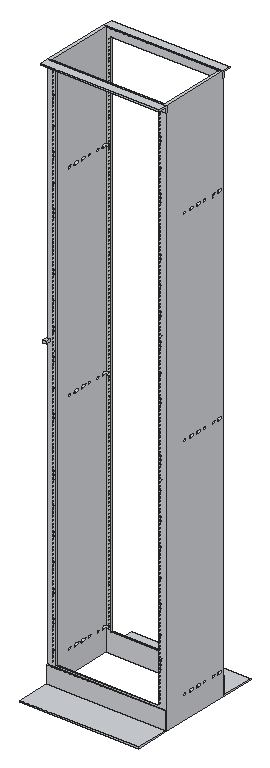
Revit family (continued)
Forms (in)
  Extrusion 46, void
    sketch origin (0, 0, -91) x (1, 0, 0) y (0, 0, 1)
      loop
        line (-9.175, 64.4325) -> (-9.264, 64.4325) -> (-9.264, 64.3435) -> (-9.264, 64.2545) -> (-9.175, 64.2545) -> (-9.086, 64.2545) -> (-9.086, 64.4325) -> (-9.175, 64.4325)
      loop
        line (-9.175, 63.8075) -> (-9.264, 63.8075) -> (-9.264, 63.7185) -> (-9.264, 63.6295) -> (-9.175, 63.6295) -> (-9.086, 63.6295) -> (-9.086, 63.8075) -> (-9.175, 63.8075)
      loop
        line (9.175, 65.0575) -> (9.086, 65.0575) -> (9.086, 64.8795) -> (9.175, 64.8795) -> (9.264, 64.8795) -> (9.264, 64.9685) -> (9.264, 65.0575) -> (9.175, 65.0575)
      loop
        line (9.175, 64.4325) -> (9.086, 64.4325) -> (9.086, 64.2545) -> (9.175, 64.2545) -> (9.264, 64.2545) -> (9.264, 64.3435) -> (9.264, 64.4325) -> (9.175, 64.4325)
      loop
        line (9.175, 63.8075) -> (9.086, 63.8075) -> (9.086, 63.6295) -> (9.175, 63.6295) -> (9.264, 63.6295) -> (9.264, 63.7185) -> (9.264, 63.8075) -> (9.175, 63.8075)
    from 0 to 36
  Extrusion 47, void
    sketch origin (0, 0, -92.75) x (1, 0, 0) y (0, 0, 1)
      loop
        line (-9.175, 65.0575) -> (-9.264, 65.0575) -> (-9.264, 64.9685) -> (-9.264, 64.8795) -> (-9.175, 64.8795) -> (-9.086, 64.8795) -> (-9.086, 65.0575) -> (-9.175, 65.0575)
      loop
        line (-9.175, 64.4325) -> (-9.264, 64.4325) -> (-9.264, 64.3435) -> (-9.264, 64.2545) -> (-9.175, 64.2545) -> (-9.086, 64.2545) -> (-9.086, 64.4325) -> (-9.175, 64.4325)
      loop
        line (-9.175, 63.8075) -> (-9.264, 63.8075) -> (-9.264, 63.7185) -> (-9.264, 63.6295) -> (-9.175, 63.6295) -> (-9.086, 63.6295) -> (-9.086, 63.8075) -> (-9.175, 63.8075)
      loop
        line (9.175, 65.0575) -> (9.086, 65.0575) -> (9.086, 64.8795) -> (9.175, 64.8795) -> (9.264, 64.8795) -> (9.264, 64.9685) -> (9.264, 65.0575) -> (9.175, 65.0575)
      loop
        line (9.175, 64.4325) -> (9.086, 64.4325) -> (9.086, 64.2545) -> (9.175, 64.2545) -> (9.264, 64.2545) -> (9.264, 64.3435) -> (9.264, 64.4325) -> (9.175, 64.4325)
      loop
        line (9.175, 63.8075) -> (9.086, 63.8075) -> (9.086, 63.6295) -> (9.175, 63.6295) -> (9.264, 63.6295) -> (9.264, 63.7185) -> (9.264, 63.8075) -> (9.175, 63.8075)
    from 0 to 36
  Extrusion 48, void
    sketch origin (0, 0, -94.5) x (1, 0, 0) y (0, 0, 1)
      loop
        line (-9.175, 65.0575) -> (-9.264, 65.0575) -> (-9.264, 64.9685) -> (-9.264, 64.8795) -> (-9.175, 64.8795) -> (-9.086, 64.8795) -> (-9.086, 65.0575) -> (-9.175, 65.0575)
      loop
        line (-9.175, 64.4325) -> (-9.264, 64.4325) -> (-9.264, 64.3435) -> (-9.264, 64.2545) -> (-9.175, 64.2545) -> (-9.086, 64.2545) -> (-9.086, 64.4325) -> (-9.175, 64.4325)
      loop
        line (-9.175, 63.8075) -> (-9.264, 63.8075) -> (-9.264, 63.7185) -> (-9.264, 63.6295) -> (-9.175, 63.6295) -> (-9.086, 63.6295) -> (-9.086, 63.8075) -> (-9.175, 63.8075)
      loop
        line (9.175, 65.0575) -> (9.086, 65.0575) -> (9.086, 64.8795) -> (9.175, 64.8795) -> (9.264, 64.8795) -> (9.264, 64.9685) -> (9.264, 65.0575) -> (9.175, 65.0575)
      loop
        line (9.175, 64.4325) -> (9.086, 64.4325) -> (9.086, 64.2545) -> (9.175, 64.2545) -> (9.264, 64.2545) -> (9.264, 64.3435) -> (9.264, 64.4325) -> (9.175, 64.4325)
      loop
        line (9.175, 63.8075) -> (9.086, 63.8075) -> (9.086, 63.6295) -> (9.175, 63.6295) -> (9.264, 63.6295) -> (9.264, 63.7185) -> (9.264, 63.8075) -> (9.175, 63.8075)
    from 0 to 36
  Extrusion 49, void
    sketch origin (0, 0, -96.25) x (1, 0, 0) y (0, 0, 1)
      loop
        line (-9.175, 65.0575) -> (-9.264, 65.0575) -> (-9.264, 64.9685) -> (-9.264, 64.8795) -> (-9.175, 64.8795) -> (-9.086, 64.8795) -> (-9.086, 65.0575) -> (-9.175, 65.0575)
      loop
        line (-9.175, 64.4325) -> (-9.264, 64.4325) -> (-9.264, 64.3435) -> (-9.264, 64.2545) -> (-9.175, 64.2545) -> (-9.086, 64.2545) -> (-9.086, 64.4325) -> (-9.175, 64.4325)
      loop
        line (-9.175, 63.8075) -> (-9.264, 63.8075) -> (-9.264, 63.7185) -> (-9.264, 63.6295) -> (-9.175, 63.6295) -> (-9.086, 63.6295) -> (-9.086, 63.8075) -> (-9.175, 63.8075)
      loop
        line (9.175, 65.0575) -> (9.086, 65.0575) -> (9.086, 64.8795) -> (9.175, 64.8795) -> (9.264, 64.8795) -> (9.264, 64.9685) -> (9.264, 65.0575) -> (9.175, 65.0575)
      loop
        line (9.175, 64.4325) -> (9.086, 64.4325) -> (9.086, 64.2545) -> (9.175, 64.2545) -> (9.264, 64.2545) -> (9.264, 64.3435) -> (9.264, 64.4325) -> (9.175, 64.4325)
      loop
        line (9.175, 63.8075) -> (9.086, 63.8075) -> (9.086, 63.6295) -> (9.175, 63.6295) -> (9.264, 63.6295) -> (9.264, 63.7185) -> (9.264, 63.8075) -> (9.175, 63.8075)
    from 0 to 36
  Extrusion 50, void
    sketch origin (0, 0, -98) x (1, 0, 0) y (0, 0, 1)
      loop
        line (-9.175, 65.0575) -> (-9.264, 65.0575) -> (-9.264, 64.9685) -> (-9.264, 64.8795) -> (-9.175, 64.8795) -> (-9.086, 64.8795) -> (-9.086, 65.0575) -> (-9.175, 65.0575)
      loop
        line (-9.175, 64.4325) -> (-9.264, 64.4325) -> (-9.264, 64.3435) -> (-9.264, 64.2545) -> (-9.175, 64.2545) -> (-9.086, 64.2545) -> (-9.086, 64.4325) -> (-9.175, 64.4325)
      loop
        line (-9.175, 63.8075) -> (-9.264, 63.8075) -> (-9.264, 63.7185) -> (-9.264, 63.6295) -> (-9.175, 63.6295) -> (-9.086, 63.6295) -> (-9.086, 63.8075) -> (-9.175, 63.8075)
      loop
        line (9.175, 65.0575) -> (9.086, 65.0575) -> (9.086, 64.8795) -> (9.175, 64.8795) -> (9.264, 64.8795) -> (9.264, 64.9685) -> (9.264, 65.0575) -> (9.175, 65.0575)
      loop
        line (9.175, 64.4325) -> (9.086, 64.4325) -> (9.086, 64.2545) -> (9.175, 64.2545) -> (9.264, 64.2545) -> (9.264, 64.3435) -> (9.264, 64.4325) -> (9.175, 64.4325)
      loop
        line (9.175, 63.8075) -> (9.086, 63.8075) -> (9.086, 63.6295) -> (9.175, 63.6295) -> (9.264, 63.6295) -> (9.264, 63.7185) -> (9.264, 63.8075) -> (9.175, 63.8075)
    from 0 to 36
  Extrusion 51, void
    sketch origin (0, 0, -99.75) x (1, 0, 0) y (0, 0, 1)
      loop
        line (-9.175, 65.0575) -> (-9.264, 65.0575) -> (-9.264, 64.9685) -> (-9.264, 64.8795) -> (-9.175, 64.8795) -> (-9.086, 64.8795) -> (-9.086, 65.0575) -> (-9.175, 65.0575)
      loop
        line (-9.175, 64.4325) -> (-9.264, 64.4325) -> (-9.264, 64.3435) -> (-9.264, 64.2545) -> (-9.175, 64.2545) -> (-9.086, 64.2545) -> (-9.086, 64.4325) -> (-9.175, 64.4325)
      loop
        line (-9.175, 63.8075) -> (-9.264, 63.8075) -> (-9.264, 63.7185) -> (-9.264, 63.6295) -> (-9.175, 63.6295) -> (-9.086, 63.6295) -> (-9.086, 63.8075) -> (-9.175, 63.8075)
      loop
        line (9.175, 65.0575) -> (9.086, 65.0575) -> (9.086, 64.8795) -> (9.175, 64.8795) -> (9.264, 64.8795) -> (9.264, 64.9685) -> (9.264, 65.0575) -> (9.175, 65.0575)
      loop
        line (9.175, 64.4325) -> (9.086, 64.4325) -> (9.086, 64.2545) -> (9.175, 64.2545) -> (9.264, 64.2545) -> (9.264, 64.3435) -> (9.264, 64.4325) -> (9.175, 64.4325)
      loop
        line (9.175, 63.8075) -> (9.086, 63.8075) -> (9.086, 63.6295) -> (9.175, 63.6295) -> (9.264, 63.6295) -> (9.264, 63.7185) -> (9.264, 63.8075) -> (9.175, 63.8075)
    from 0 to 36
  Extrusion 52, void
    sketch origin (0, 0, -101.5) x (1, 0, 0) y (0, 0, 1)
      loop
        line (-9.175, 65.0575) -> (-9.264, 65.0575) -> (-9.264, 64.9685) -> (-9.264, 64.8795) -> (-9.175, 64.8795) -> (-9.086, 64.8795) -> (-9.086, 65.0575) -> (-9.175, 65.0575)
      loop
        line (-9.175, 64.4325) -> (-9.264, 64.4325) -> (-9.264, 64.3435) -> (-9.264, 64.2545) -> (-9.175, 64.2545) -> (-9.086, 64.2545) -> (-9.086, 64.4325) -> (-9.175, 64.4325)
      loop
        line (-9.175, 63.8075) -> (-9.264, 63.8075) -> (-9.264, 63.7185) -> (-9.264, 63.6295) -> (-9.175, 63.6295) -> (-9.086, 63.6295) -> (-9.086, 63.8075) -> (-9.175, 63.8075)
      loop
        line (9.175, 65.0575) -> (9.086, 65.0575) -> (9.086, 64.8795) -> (9.175, 64.8795) -> (9.264, 64.8795) -> (9.264, 64.9685) -> (9.264, 65.0575) -> (9.175, 65.0575)
      loop
        line (9.175, 64.4325) -> (9.086, 64.4325) -> (9.086, 64.2545) -> (9.175, 64.2545) -> (9.264, 64.2545) -> (9.264, 64.3435) -> (9.264, 64.4325) -> (9.175, 64.4325)
      loop
        line (9.175, 63.8075) -> (9.086, 63.8075) -> (9.086, 63.6295) -> (9.175, 63.6295) -> (9.264, 63.6295) -> (9.264, 63.7185) -> (9.264, 63.8075) -> (9.175, 63.8075)
    from 0 to 36
  Extrusion 53, void
    sketch origin (0, 0, -103.25) x (1, 0, 0) y (0, 0, 1)
      loop
        line (-9.175, 65.0575) -> (-9.264, 65.0575) -> (-9.264, 64.9685) -> (-9.264, 64.8795) -> (-9.175, 64.8795) -> (-9.086, 64.8795) -> (-9.086, 65.0575) -> (-9.175, 65.0575)
      loop
        line (-9.175, 64.4325) -> (-9.264, 64.4325) -> (-9.264, 64.3435) -> (-9.264, 64.2545) -> (-9.175, 64.2545) -> (-9.086, 64.2545) -> (-9.086, 64.4325) -> (-9.175, 64.4325)
      loop
        line (-9.175, 63.8075) -> (-9.264, 63.8075) -> (-9.264, 63.7185) -> (-9.264, 63.6295) -> (-9.175, 63.6295) -> (-9.086, 63.6295) -> (-9.086, 63.8075) -> (-9.175, 63.8075)
      loop
        line (9.175, 65.0575) -> (9.086, 65.0575) -> (9.086, 64.8795) -> (9.175, 64.8795) -> (9.264, 64.8795) -> (9.264, 64.9685) -> (9.264, 65.0575) -> (9.175, 65.0575)
      loop
        line (9.175, 64.4325) -> (9.086, 64.4325) -> (9.086, 64.2545) -> (9.175, 64.2545) -> (9.264, 64.2545) -> (9.264, 64.3435) -> (9.264, 64.4325) -> (9.175, 64.4325)
      loop
        line (9.175, 63.8075) -> (9.086, 63.8075) -> (9.086, 63.6295) -> (9.175, 63.6295) -> (9.264, 63.6295) -> (9.264, 63.7185) -> (9.264, 63.8075) -> (9.175, 63.8075)
    from 0 to 36
  Extrusion 54, void
    sketch origin (0, 0, -105) x (1, 0, 0) y (0, 0, 1)
      loop
        line (-9.175, 65.0575) -> (-9.264, 65.0575) -> (-9.264, 64.9685) -> (-9.264, 64.8795) -> (-9.175, 64.8795) -> (-9.086, 64.8795) -> (-9.086, 65.0575) -> (-9.175, 65.0575)
      loop
        line (-9.175, 64.4325) -> (-9.264, 64.4325) -> (-9.264, 64.3435) -> (-9.264, 64.2545) -> (-9.175, 64.2545) -> (-9.086, 64.2545) -> (-9.086, 64.4325) -> (-9.175, 64.4325)
      loop
        line (-9.175, 63.8075) -> (-9.264, 63.8075) -> (-9.264, 63.7185) -> (-9.264, 63.6295) -> (-9.175, 63.6295) -> (-9.086, 63.6295) -> (-9.086, 63.8075) -> (-9.175, 63.8075)
      loop
        line (9.175, 65.0575) -> (9.086, 65.0575) -> (9.086, 64.8795) -> (9.175, 64.8795) -> (9.264, 64.8795) -> (9.264, 64.9685) -> (9.264, 65.0575) -> (9.175, 65.0575)
      loop
        line (9.175, 64.4325) -> (9.086, 64.4325) -> (9.086, 64.2545) -> (9.175, 64.2545) -> (9.264, 64.2545) -> (9.264, 64.3435) -> (9.264, 64.4325) -> (9.175, 64.4325)
      loop
        line (9.175, 63.8075) -> (9.086, 63.8075) -> (9.086, 63.6295) -> (9.175, 63.6295) -> (9.264, 63.6295) -> (9.264, 63.7185) -> (9.264, 63.8075) -> (9.175, 63.8075)
    from 0 to 36
  Extrusion 55, void
    sketch origin (0, 0, -106.75) x (1, 0, 0) y (0, 0, 1)
      loop
        line (-9.175, 65.0575) -> (-9.264, 65.0575) -> (-9.264, 64.9685) -> (-9.264, 64.8795) -> (-9.175, 64.8795) -> (-9.086, 64.8795) -> (-9.086, 65.0575) -> (-9.175, 65.0575)
      loop
        line (-9.175, 64.4325) -> (-9.264, 64.4325) -> (-9.264, 64.3435) -> (-9.264, 64.2545) -> (-9.175, 64.2545) -> (-9.086, 64.2545) -> (-9.086, 64.4325) -> (-9.175, 64.4325)
      loop
        line (-9.175, 63.8075) -> (-9.264, 63.8075) -> (-9.264, 63.7185) -> (-9.264, 63.6295) -> (-9.175, 63.6295) -> (-9.086, 63.6295) -> (-9.086, 63.8075) -> (-9.175, 63.8075)
      loop
        line (9.175, 65.0575) -> (9.086, 65.0575) -> (9.086, 64.8795) -> (9.175, 64.8795) -> (9.264, 64.8795) -> (9.264, 64.9685) -> (9.264, 65.0575) -> (9.175, 65.0575)
      loop
        line (9.175, 64.4325) -> (9.086, 64.4325) -> (9.086, 64.2545) -> (9.175, 64.2545) -> (9.264, 64.2545) -> (9.264, 64.3435) -> (9.264, 64.4325) -> (9.175, 64.4325)
      loop
        line (9.175, 63.8075) -> (9.086, 63.8075) -> (9.086, 63.6295) -> (9.175, 63.6295) -> (9.264, 63.6295) -> (9.264, 63.7185) -> (9.264, 63.8075) -> (9.175, 63.8075)
    from 0 to 36
  Extrusion 56, void
    sketch origin (0, 0, -108.5) x (1, 0, 0) y (0, 0, 1)
      loop
        line (-9.175, 65.0575) -> (-9.264, 65.0575) -> (-9.264, 64.9685) -> (-9.264, 64.8795) -> (-9.175, 64.8795) -> (-9.086, 64.8795) -> (-9.086, 65.0575) -> (-9.175, 65.0575)
      loop
        line (-9.175, 64.4325) -> (-9.264, 64.4325) -> (-9.264, 64.3435) -> (-9.264, 64.2545) -> (-9.175, 64.2545) -> (-9.086, 64.2545) -> (-9.086, 64.4325) -> (-9.175, 64.4325)
      loop
        line (-9.175, 63.8075) -> (-9.264, 63.8075) -> (-9.264, 63.7185) -> (-9.264, 63.6295) -> (-9.175, 63.6295) -> (-9.086, 63.6295) -> (-9.086, 63.8075) -> (-9.175, 63.8075)
      loop
        line (9.175, 65.0575) -> (9.086, 65.0575) -> (9.086, 64.8795) -> (9.175, 64.8795) -> (9.264, 64.8795) -> (9.264, 64.9685) -> (9.264, 65.0575) -> (9.175, 65.0575)
      loop
        line (9.175, 64.4325) -> (9.086, 64.4325) -> (9.086, 64.2545) -> (9.175, 64.2545) -> (9.264, 64.2545) -> (9.264, 64.3435) -> (9.264, 64.4325) -> (9.175, 64.4325)
      loop
        line (9.175, 63.8075) -> (9.086, 63.8075) -> (9.086, 63.6295) -> (9.175, 63.6295) -> (9.264, 63.6295) -> (9.264, 63.7185) -> (9.264, 63.8075) -> (9.175, 63.8075)
    from 0 to 36
  Extrusion 57, void
    sketch origin (0, 0, -110.25) x (1, 0, 0) y (0, 0, 1)
      loop
        line (-9.175, 65.0575) -> (-9.264, 65.0575) -> (-9.264, 64.9685) -> (-9.264, 64.8795) -> (-9.175, 64.8795) -> (-9.086, 64.8795) -> (-9.086, 65.0575) -> (-9.175, 65.0575)
      loop
        line (-9.175, 64.4325) -> (-9.264, 64.4325) -> (-9.264, 64.3435) -> (-9.264, 64.2545) -> (-9.175, 64.2545) -> (-9.086, 64.2545) -> (-9.086, 64.4325) -> (-9.175, 64.4325)
      loop
        line (-9.175, 63.8075) -> (-9.264, 63.8075) -> (-9.264, 63.7185) -> (-9.264, 63.6295) -> (-9.175, 63.6295) -> (-9.086, 63.6295) -> (-9.086, 63.8075) -> (-9.175, 63.8075)
      loop
        line (9.175, 65.0575) -> (9.086, 65.0575) -> (9.086, 64.8795) -> (9.175, 64.8795) -> (9.264, 64.8795) -> (9.264, 64.9685) -> (9.264, 65.0575) -> (9.175, 65.0575)
      loop
        line (9.175, 64.4325) -> (9.086, 64.4325) -> (9.086, 64.2545) -> (9.175, 64.2545) -> (9.264, 64.2545) -> (9.264, 64.3435) -> (9.264, 64.4325) -> (9.175, 64.4325)
      loop
        line (9.175, 63.8075) -> (9.086, 63.8075) -> (9.086, 63.6295) -> (9.175, 63.6295) -> (9.264, 63.6295) -> (9.264, 63.7185) -> (9.264, 63.8075) -> (9.175, 63.8075)
    from 0 to 36
  Extrusion 58, void
    sketch origin (0, 0, -112) x (1, 0, 0) y (0, 0, 1)
      loop
        line (-9.175, 65.0575) -> (-9.264, 65.0575) -> (-9.264, 64.9685) -> (-9.264, 64.8795) -> (-9.175, 64.8795) -> (-9.086, 64.8795) -> (-9.086, 65.0575) -> (-9.175, 65.0575)
      loop
        line (-9.175, 64.4325) -> (-9.264, 64.4325) -> (-9.264, 64.3435) -> (-9.264, 64.2545) -> (-9.175, 64.2545) -> (-9.086, 64.2545) -> (-9.086, 64.4325) -> (-9.175, 64.4325)
      loop
        line (-9.175, 63.8075) -> (-9.264, 63.8075) -> (-9.264, 63.7185) -> (-9.264, 63.6295) -> (-9.175, 63.6295) -> (-9.086, 63.6295) -> (-9.086, 63.8075) -> (-9.175, 63.8075)
      loop
        line (9.175, 65.0575) -> (9.086, 65.0575) -> (9.086, 64.8795) -> (9.175, 64.8795) -> (9.264, 64.8795) -> (9.264, 64.9685) -> (9.264, 65.0575) -> (9.175, 65.0575)
      loop
        line (9.175, 64.4325) -> (9.086, 64.4325) -> (9.086, 64.2545) -> (9.175, 64.2545) -> (9.264, 64.2545) -> (9.264, 64.3435) -> (9.264, 64.4325) -> (9.175, 64.4325)
      loop
        line (9.175, 63.8075) -> (9.086, 63.8075) -> (9.086, 63.6295) -> (9.175, 63.6295) -> (9.264, 63.6295) -> (9.264, 63.7185) -> (9.264, 63.8075) -> (9.175, 63.8075)
    from 0 to 36
  Extrusion 59, void
    sketch origin (0, 0, -113.75) x (1, 0, 0) y (0, 0, 1)
      loop
        line (-9.175, 65.0575) -> (-9.264, 65.0575) -> (-9.264, 64.9685) -> (-9.264, 64.8795) -> (-9.175, 64.8795) -> (-9.086, 64.8795) -> (-9.086, 65.0575) -> (-9.175, 65.0575)
      loop
        line (-9.175, 64.4325) -> (-9.264, 64.4325) -> (-9.264, 64.3435) -> (-9.264, 64.2545) -> (-9.175, 64.2545) -> (-9.086, 64.2545) -> (-9.086, 64.4325) -> (-9.175, 64.4325)
      loop
        line (-9.175, 63.8075) -> (-9.264, 63.8075) -> (-9.264, 63.7185) -> (-9.264, 63.6295) -> (-9.175, 63.6295) -> (-9.086, 63.6295) -> (-9.086, 63.8075) -> (-9.175, 63.8075)
      loop
        line (9.175, 65.0575) -> (9.086, 65.0575) -> (9.086, 64.8795) -> (9.175, 64.8795) -> (9.264, 64.8795) -> (9.264, 64.9685) -> (9.264, 65.0575) -> (9.175, 65.0575)
      loop
        line (9.175, 64.4325) -> (9.086, 64.4325) -> (9.086, 64.2545) -> (9.175, 64.2545) -> (9.264, 64.2545) -> (9.264, 64.3435) -> (9.264, 64.4325) -> (9.175, 64.4325)
      loop
        line (9.175, 63.8075) -> (9.086, 63.8075) -> (9.086, 63.6295) -> (9.175, 63.6295) -> (9.264, 63.6295) -> (9.264, 63.7185) -> (9.264, 63.8075) -> (9.175, 63.8075)
    from 0 to 36
Cuts and joins
  Extrusion 3, Extrusion 4, Extrusion 5, Extrusion 7, Extrusion 8, Extrusion 9, Extrusion 10, Extrusion 11, Extrusion 12, Extrusion 13, Extrusion 14, Extrusion 15, Extrusion 16, Extrusion 17, Extrusion 18, Extrusion 19, Extrusion 20, Extrusion 21, Extrusion 22, Extrusion 23, Extrusion 24, Extrusion 25, Extrusion 26, Extrusion 27, Extrusion 28, Extrusion 29, Extrusion 30, Extrusion 31, Extrusion 32, Extrusion 33, Extrusion 34, Extrusion 35, Extrusion 36, Extrusion 37, Extrusion 38, Extrusion 39, Extrusion 40, Extrusion 41, Extrusion 42, Extrusion 43, Extrusion 44, Extrusion 45, Extrusion 46, Extrusion 47, Extrusion 48, Extrusion 49, Extrusion 50, Extrusion 51, Extrusion 52, Extrusion 53, Extrusion 54, Extrusion 55, Extrusion 56, Extrusion 57, Extrusion 58, Extrusion 59 cuts Extrusion 2
  Extrusion 7, Extrusion 8, Extrusion 9, Extrusion 10, Extrusion 11, Extrusion 12, Extrusion 13, Extrusion 14, Extrusion 15, Extrusion 16, Extrusion 17, Extrusion 18, Extrusion 19, Extrusion 20, Extrusion 21, Extrusion 22, Extrusion 23, Extrusion 24, Extrusion 25, Extrusion 26, Extrusion 27, Extrusion 28, Extrusion 29, Extrusion 30, Extrusion 31, Extrusion 32, Extrusion 33, Extrusion 34, Extrusion 35, Extrusion 36, Extrusion 37, Extrusion 38, Extrusion 39, Extrusion 40, Extrusion 41, Extrusion 42, Extrusion 43, Extrusion 44, Extrusion 45, Extrusion 46, Extrusion 47, Extrusion 48, Extrusion 49, Extrusion 50, Extrusion 51, Extrusion 52, Extrusion 53, Extrusion 54, Extrusion 55, Extrusion 56, Extrusion 57, Extrusion 58, Extrusion 59 cuts Extrusion 6
Dimensions and locks (in)
  equal spacing: group 2, group 3, group 4, group 5, group 6, group 7, group 8, group 9, group 10, group 11, group 12, group 13, group 14, group 15, group 16, group 17, group 18, group 19, group 20, group 21, group 22, group 23, group 24, group 25, group 26, group 27, group 28, group 29, group 30, group 31, group 32, group 33, group 34, group 35, group 36, group 37, group 38, group 39, group 40, group 41, group 42, group 43, group 44, group 45, group 46, group 47, group 48, group 49, group 50, group 51, group 52, group 53  (x2)
  equal spacing: group 53, group 52, group 51, group 50, group 49, group 48, group 47, group 46, group 45, group 44, group 43, group 42, group 41, group 40, group 39, group 38, group 37, group 36, group 35, group 34, group 33, group 32, group 31, group 30, group 29, group 28, group 27, group 26, group 25, group 24, group 23, group 22, group 21, group 20, group 19, group 18, group 17, group 16, group 15, group 14, group 13, group 12, group 11, group 10, group 9, group 8, group 7, group 6, group 5, group 4, group 3, group 2
